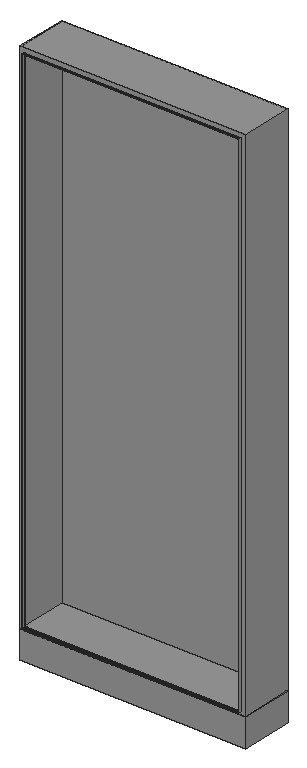
Revit family "Hager-Univers-IP30-D205-H1950-Cl.II-Encl-NoHosted-CH-fr", category Electrical Equipment, Revit 2020
Family settings
  Panel Configuration = Two Columns, Circuits Across
  Round Connector Dimension = Use Diameter
  Part Type = Panelboard
  Work Plane-Based = Yes
  Always vertical = Yes
  Cut with Voids When Loaded = No
  Shared = No
  Room Calculation Point = No
Parameters (values of type "installation au sol IP30 L800 H1950 P205  - FP23S1N")
  Width Control [instance] = if([EF000008 - largeur] > Min Width, [EF000008 - largeur], Min Width)  # 800 mm
  Type Comments = [HG000003 - Gamme]  # "Univers"
  Thickness Door [instance] = if([EF009171 - épaisseur de matériau de la porte/du couvercle] > 3 mm, 3 mm, [EF009171 - épaisseur de matériau de la porte/du couvercle])  # 1 mm
  Seal Frame Offset [instance] = 17 mm  # constant formula
  Plinth Visibility [instance] = [HG000027 - Hauteur du socle] > 0 mm  # yes
  Min Width [instance] = 100 mm  # constant formula
  Min Depth [instance] = (2 * [EF009170 - épaisseur de matériau du boîtier]) + 1 mm  # 3 mm
  Min Height [instance] = 100 mm  # constant formula
  Internal Frame Depth [instance] = (Door System Depth * 0.5)  # 9 mm
  Panel Name [instance] = ""  # (empty or 0)
  Model = ""
  HG000027 - Hauteur du socle = 100 mm
  HG000026 - Installation au sol = yes
  HG000024 - Hauteur de la section basse = 600 mm
  HG000023 - Armoire double section = no
  HG000016 - Visibilité de la porte 3D [instance] = yes
  HG000015 - Visibilité de l'emprise de la porte [instance] = no
  HG000014 - Porte à droite [instance] = yes
  HG000013 - Porte à gauche [instance] = not([HG000014 - Porte à droite])  # no
  HG000012 - Angle de pivotement de la porte [instance] = 30.00°
  HG000010 - Portes asymétriques = no
  HG000009 - Porte à double battant = no
  HG000006 - Encastré = no
  HG000004 - Référence fabricant = "FP23S1N"
  HG000003 - Gamme = "Univers"
  HG000002 - avec porte = no
  Frame Offset Bottom [instance] = 10 mm  # constant formula
  Frame Offset [instance] = 15 mm  # constant formula
  EF015940 - couvercle avec décharge de pression = no
  EF011959 - degré de protection (NEMA) = ""
  EF009554 - nombre d'ouvertures pour plaques à bride = 6
  EF009212 - finition du couvercle = "EV009916 - avec échancrure"
  EF009171 - épaisseur de matériau de la porte/du couvercle = 1 mm
  EF009170 - épaisseur de matériau du boîtier = 1 mm
  EF008873 - courant nominal (In) = 400 A
  EF007800 - adapté à un parafoudre = no
  EF006306 - avec serrure = no
  EF006244 - couvercle/porte transparent(e) = no
  EF005474 - indice de protection (IP) = "EV006410 - IP30"
  EF004464 - type de porte = "EV000494 - sans"
  EF004427 - nombre de modules = 432
  EF004293 - indice de protection contre les chocs (IK) = "EV006813 - IK07"
  EF003532 - convient pour utilisation à l’extérieur = no
  EF002950 - largeur en nombre de modules = 36
  EF001613 - maintien de fonction = "EV000494 - sans"
  EF001596 - matériau du boîtier/corps = "EV000179 - acier"
  EF001131 - profondeur intérieure = 130 mm
  EF001088 - possibilité de montage en saillie = yes
  EF000437 - nombre d'entrées de conduit = 6
  EF000339 - type de capot = "EV000494 - sans"
  EF000266 - nombre de rangées = 12
  EF000218 - profondeur d'encastrement = 0 mm
  EF000118 - avec cadre/support de montage = no
  EF000116 - numéro RAL = "9010"
  EF000049 - profondeur = 205 mm
  EF000040 - hauteur = 1950 mm
  EF000008 - largeur = 800 mm
  EF000007 - couleur = "EV000202 - blanc"
  EF000003 - mode de pose = "EV012274 - installation au sol"
  Door System Leaf Tolerance [instance] = 1.5 mm  # constant formula
  Door System Depth [instance] = 18 mm  # constant formula
  Door Height [instance] = Height Control - [HG000027 - Hauteur du socle]  # 1850 mm
  Description = ""
  Default Elevation = 1219.2 mm
  Connector Offset [instance] = Height Control / 2  # 975 mm
  Manufacturer = "Hager"  # constant formula
  Height Control [instance] = if([EF000040 - hauteur] > Min Height, [EF000040 - hauteur], Min Height)  # 1950 mm
  Depth Control [instance] = if([EF000049 - profondeur] > Min Depth, [EF000049 - profondeur], Min Depth)  # 205 mm
  Bottom Top Plate Trim [instance] = 1.5 mm  # constant formula
  Plinth height Ctrl [instance] = if([HG000027 - Hauteur du socle] > 0 mm, [HG000027 - Hauteur du socle], 12 mm)  # 100 mm
Types (5, lengths in mm): name | Width Control | HG000004 - Référence fabricant | EF009554 - nombre d'ouvertures pour plaques à bride | EF008873 - courant nominal (In) | EF004427 - nombre de modules | EF002950 - largeur en nombre de modules | EF000437 - nombre d'entrées de conduit | EF000008 - largeur
  installation au sol IP30 L1050 H1950 P205  - FP24S1N | 1050 | "FP24S1N" | 8 | 400 A | 576 | 48 | 8 | 1050
  installation au sol IP30 L1300 H1950 P205  - FP25S1N | 1300 | "FP25S1N" | 10 | 400 A | 720 | 60 | 10 | 1300
  installation au sol IP30 L300 H1950 P205  - FP21S1N | 300 | "FP21S1N" | 2 | 250 A | 144 | 12 | 2 | 300
  installation au sol IP30 L550 H1950 P205  - FP22S1N | 550 | "FP22S1N" | 4 | 400 A | 288 | 24 | 4 | 550
  installation au sol IP30 L800 H1950 P205  - FP23S1N | 800 | "FP23S1N" | 6 | 400 A | 432 | 36 | 6 | 800
Reference planes
  plane 1 "Center (Front/Back)": y = 0
  plane 2: z = 0
  plane 3 "Center (Left/Right)": x = 0
  plane 4: y = 0
  plane 5: y = 0
  plane 6: z = 0
  plane 7: x = -400
  plane 8: x = 400
  plane 9: x = 399
  plane 10: x = -399
  plane 11: z = 100
  plane 12: z = 101
  plane 13: y = -205
  plane 14: y = -1
  plane 15: x = 0
  plane 16: y = -187
  plane 17: y = -204
  plane 18: y = -186
  plane 19: x = -384
  plane 20: x = 384
  plane 21: z = 111
  plane 22: x = -383
  plane 23: x = 383
  plane 24: z = 100
  plane 25: z = 1950
  plane 26: z = 1950
  plane 27: z = 1934
  plane 28: z = 1949
Forms (mm)
  Extrusion 1, solid, material "Hager_Steel_RAL7035_Light_Grey", detail levels medium+fine
    sketch origin (-208.679, -4572, 100) x (-1, 0, 0) y (0, -1, 0)
      loop
        line (191.321, -4385) -> (-608.679, -4385) -> (-608.679, -4572) -> (191.321, -4572) -> (191.321, -4385)
    from 0 to 1850
  Extrusion 2, void
    sketch origin (-350.771, -205, 1219.2) x (1, 0, 0) y (0, 0, 1)
      loop
        line (-48.229, 729.8) -> (-48.229, -1118.2) -> (749.771, -1118.2) -> (749.771, 729.8) -> (-48.229, 729.8)
    from -19 to -204
  Extrusion 3, void
    sketch origin (-290.084, -187, 1219.2) x (1, 0, 0) y (0, 0, 1)
      loop
        line (-93.916, -1108.2) -> (674.084, -1108.2) -> (674.084, 714.8) -> (-93.916, 714.8) -> (-93.916, -1108.2)
    from 0 to -1
  Extrusion 4, solid, material "Hager_Steel_RAL7035_Light_Grey", visible <- "Plinth Visibility", detail levels medium+fine
    sketch origin (0, 0, 0) x (1, 0, 0) y (0, 1, 0)
      loop
        line (-400, 0) -> (-400, -187) -> (400, -187) -> (400, 0) -> (-400, 0)
    from 0 to 100 <- "Plinth height Ctrl"
  Extrusion 5, solid, material "Hager_Steel_RAL7035_Light_Grey", detail levels coarse
    sketch origin (0, 0, 0) x (1, 0, 0) y (0, 1, 0)
      loop
        line (-400, 0) -> (-400, -205) -> (400, -205) -> (400, 0) -> (-400, 0)
    from 0 to 1950 <- "Height Control"
  Sweep 6, void
    path in 3D
      loop
        line (-400, -187, 100) -> (400, -187, 100) -> (400, 0, 100) -> (-400, 0, 100) -> (-400, -187, 100)
    profile origin (-400, -93.5, 100) x (1, 0, 0) y (0, 0, 1)
      loop
        line (0, 0) -> (0, -1.5) -> (1.5, -1.5)
        arc (1.5, -1.5) -> (1.061, -0.439) -> (0, 0) r 1.5
  Extrusion 7, solid, material "Hager_Steel_RAL7035_Light_Grey", detail levels fine
    sketch origin (-400, -187, 100) x (1, 0, 0) y (0, 0, 1)
      loop
        line (16, 11) -> (784, 11) -> (784, 1834) -> (16, 1834) -> (16, 11)
      loop
        line (15, 10) -> (785, 10) -> (785, 1835) -> (15, 1835) -> (15, 10)
    from 0 to 9 <- "Internal Frame Depth"
Cuts and joins
  Extrusion 2, Extrusion 3 cuts Extrusion 1
  Sweep 6 cuts Extrusion 4
Lines and regions (mm)
  Masking region 1
    outline origin (0, 0, 0) x (1, 0, 0) y (0, 1, 0)
      loop
        line (-400, 0) -> (-400, -205) -> (400, -205) -> (400, 0) -> (-400, 0)
  Masking region 2, detail levels coarse
    outline origin (-290.084, -187, 1219.2) x (-1, 0, 0) y (0, 0, 1)
      loop
        line (-690.084, -1219.2) -> (109.916, -1219.2) -> (109.916, 730.8) -> (-690.084, 730.8) -> (-690.084, -1219.2)
  Masking region 3, detail levels coarse
    outline origin (0, 0, 0) x (0, 1, 0) y (0, 0, 1)
      loop
        line (0, 0) -> (0, 1950) -> (-205, 1950) -> (-205, 0) -> (0, 0)
  Masking region 4, visible <- "Plinth Visibility", detail levels medium+fine
    outline origin (0, 0, 0) x (0, 1, 0) y (0, 0, 1)
      loop
        line (-1.5, 100) -> (-185.5, 100)
        arc (-185.5, 100) -> (-185.939, 98.939) -> (-187, 98.5) r 1.5
        line (-187, 98.5) -> (-187, 0) -> (0, 0) -> (0, 98.5)
        arc (0, 98.5) -> (-1.061, 98.939) -> (-1.5, 100) r 1.5
  Masking region 5, detail levels medium+fine
    outline origin (0, 0, 594.038) x (0, 1, 0) y (0, 0, 1)
      loop
        line (0, -494.038) -> (0, 1355.962) -> (-187, 1355.962) -> (-187, -494.038) -> (0, -494.038)
  Masking region 6, detail levels medium+fine
    outline origin (-359.7, -187, 1211.883) x (-1, 0, 0) y (0, 0, 1)
      loop
        line (-759.7, -1111.883) -> (40.3, -1111.883) -> (40.3, 738.117) -> (-759.7, 738.117) -> (-759.7, -1111.883)
  Masking region 7, visible <- "Plinth Visibility", detail levels medium+fine
    outline origin (-320.334, -187, 1041.368) x (-1, 0, 0) y (0, 0, 1)
      loop
        line (-720.334, -1041.368) -> (79.666, -1041.368) -> (79.666, -942.868)
        arc (79.666, -942.868) -> (78.606, -942.429) -> (78.166, -941.368) r 1.5
        line (78.166, -941.368) -> (-718.834, -941.368)
        arc (-718.834, -941.368) -> (-719.273, -942.429) -> (-720.334, -942.868) r 1.5
        line (-720.334, -942.868) -> (-720.334, -1041.368)
  sketch lines
    curve 1: line (-400, 0, 100) -> (-400, -187, 100)
    curve 2: line (-400, -187, 100) -> (400, -187, 100)
    curve 3: line (400, 0, 100) -> (-400, 0, 100)
    curve 4: line (400, -187, 100) -> (400, 0, 100)
Dimensions and locks
  locked: plane 1 "Center (Front/Back)" to plane 5
  "EF009170 - épaisseur de matériau du boîtier": plane 7 to plane 10
  "EF009170 - épaisseur de matériau du boîtier": plane 8 to plane 9
  equal spacing: plane 7, plane 3 "Center (Left/Right)", plane 8
  "Width Control": plane 7 to plane 8
  "Depth Control": plane 4 to plane 13
  "EF009170 - épaisseur de matériau du boîtier": plane 4 to plane 14
  "Height Control": plane 25 to level
  "HG000027 - Hauteur du socle": plane 11 to level
  "EF009170 - épaisseur de matériau du boîtier": plane 12 to plane 11
  "EF009170 - épaisseur de matériau du boîtier": plane 17 to plane 13
  "EF009170 - épaisseur de matériau du boîtier": plane 18 to plane 16
  "Frame Offset Bottom": plane 21 to plane 12
  "Frame Offset": plane 10 to plane 19
  "Frame Offset": plane 9 to plane 20
  "Door System Depth": plane 16 to plane 13
  "Seal Frame Offset": plane 7 to plane 22
  "Seal Frame Offset": plane 8 to plane 23
  "EF009170 - épaisseur de matériau du boîtier": plane 26 to plane 28
  "Frame Offset": plane 28 to plane 27
  "Connector Offset": plane 2 to connector elem
  "Bottom Top Plate Trim": profile plane to Sweep 6 sketch curve
  "Bottom Top Plate Trim": Sweep 6 sketch curve to Sweep 6 sketch curve
  "Plinth height Ctrl": Masking region 4 sketch curve to level
  "Plinth height Ctrl": Masking region 7 sketch curve to level
  "Thickness Door": Extrusion 7 sketch curve to Extrusion 7 sketch curve  (x4)
  "Bottom Top Plate Trim": radius of Sweep 6 sketch curve
  "Bottom Top Plate Trim": radius of Masking region 4 sketch curve  (x2)
  "Bottom Top Plate Trim": radius of Masking region 7 sketch curve  (x2)
  aligned and locked: Extrusion 2 sketch curve to plane 12
  aligned and locked: Extrusion 2 sketch curve to plane 9
  aligned and locked: Extrusion 2 sketch curve to plane 10
  aligned and locked: Extrusion 2 to plane 14
  aligned and locked: Extrusion 1 sketch curve to plane 4
  aligned and locked: plane 8 to Extrusion 1 sketch curve
  aligned and locked: plane 7 to Extrusion 1 sketch curve
  aligned and locked: Extrusion 2 to plane 18
  aligned and locked: Extrusion 3 sketch curve to plane 19
  aligned and locked: plane 20 to Extrusion 3 sketch curve
  aligned and locked: Extrusion 3 to Extrusion 2
  aligned and locked: Extrusion 3 sketch curve to plane 21
  aligned and locked: plane 3 "Center (Left/Right)" to nested 1
  aligned and locked: Extrusion 1 sketch curve to plane 16
  aligned and locked: Extrusion 4 sketch curve to cut or joined group of Extrusion 1, Extrusion 2, Extrusion 3
  aligned and locked: Masking region 1 sketch curve to plane 7
  aligned and locked: Masking region 1 sketch curve to plane 5
  aligned and locked: Masking region 1 sketch curve to plane 8
  aligned and locked: Masking region 2 sketch curve to level
  aligned and locked: level to Masking region 3 sketch curve
  aligned and locked: plane 1 "Center (Front/Back)" to Masking region 3 sketch curve
  aligned and locked: plane 13 to Masking region 3 sketch curve
  aligned and locked: plane 5 to Masking region 4 sketch curve
  aligned and locked: Masking region 2 sketch curve to plane 8
  aligned and locked: Masking region 2 sketch curve to plane 7
  aligned and locked: plane 7 to nested 2
  aligned and locked: nested 2 to plane 5
  aligned and locked: plane 5 to Masking region 5 sketch curve
  aligned and locked: plane 26 to Masking region 5 sketch curve
  aligned and locked: Extrusion 5 sketch curve to plane 8
  aligned and locked: Extrusion 5 sketch curve to plane 7
  aligned and locked: Extrusion 5 sketch curve to plane 5
  aligned and locked: Extrusion 3 sketch curve to plane 27
  aligned and locked: Extrusion 2 sketch curve to plane 28
  aligned and locked: Masking region 2 to plane 25
  aligned and locked: Extrusion 4 to plane 16
  aligned and locked: profile plane to Sweep 6 sketch curve
  aligned and locked: Masking region 5 sketch curve to plane 24
  aligned and locked: level to Masking region 4 sketch curve
  aligned and locked: Masking region 1 to plane 13
  aligned and locked: nested 1 to plane 16
  aligned and locked: Masking region 3 to plane 25
  aligned and locked: plane 16 to Masking region 4 sketch curve
  aligned and locked: Masking region 5 sketch curve to plane 16
  aligned and locked: plane 24 to plane 11
  aligned and locked: plane 26 to plane 25
  aligned and locked: plane 26 to cut or joined group of Extrusion 1, Extrusion 2, Extrusion 3
  aligned and locked: nested 1 to plane 24
  aligned and locked: Extrusion 1 to Extrusion 3
  aligned and locked: Masking region 6 sketch curve to plane 8
  aligned and locked: Masking region 6 sketch curve to plane 24
  aligned and locked: Masking region 6 sketch curve to plane 7
  aligned and locked: Masking region 6 sketch curve to plane 26
  aligned and locked: Masking region 7 sketch curve to plane 7
  aligned and locked: level to Masking region 7 sketch curve
  aligned and locked: Masking region 7 sketch curve to plane 8
  aligned and locked: Extrusion 7 sketch curve to cut or joined group of Extrusion 1, Extrusion 2, Extrusion 3  (x4)
Automatic sketch dimensions
  plane 19 to Extrusion 3 sketch curve = 0 mm
  Extrusion 3 sketch curve to plane 20 = 0 mm
  Extrusion 3 sketch curve to plane 21 = 0 mm
  Extrusion 4 sketch curve to plane 7 = 0 mm
  Extrusion 4 sketch curve to plane 8 = 0 mm
  Extrusion 4 sketch curve to plane 16 = 0 mm
  Masking region 1 sketch curve to plane 13 = 0 mm
  Masking region 2 sketch curve to plane 25 = 0 mm
  Masking region 3 sketch curve to plane 25 = 0 mm
  Extrusion 5 sketch curve to plane 13 = 0 mm
  profile plane to Sweep 6 sketch curve = 0 mm
Nested families
  nested 1: "EC000058_Univers_Door" at (0, -187, 100), Double <- "HG000009 - Porte à double battant", Transparent <- "EF006244 - couvercle/porte transparent(e)", Angle <- "HG000012 - Angle de pivotement de la porte", Door_Right <- "HG000014 - Porte à droite", Assymetrical <- "HG000010 - Portes asymétriques", Door <- "HG000002 - avec porte", Width_Ctrl <- "Width Control", 3d_Door <- "HG000016 - Visibilité de la porte 3D", Clearance <- "HG000015 - Visibilité de l'emprise de la porte", Door_Left <- "HG000013 - Porte à gauche", Width <- "Width Control", Door_Depth <- "Door System Depth", Leaf_Tolerance <- "Door System Leaf Tolerance", Height <- "Door Height", Lock_Visibility <- "EF006306 - avec serrure", Thickness <- "Thickness Door", type "EC000058_Univers_Door", detail levels medium+fine
    with min_wh 3 mm, Width_Ctrl 800 mm, Width 800 mm, Transparent no, Thickness 1 mm, Seal_Material Hager_Rubber, Lock_Visibility no, Lock_Material Hager_Plastic_RAL9005_Jet_Black, Leaf_Width 800 mm, Leaf_Tolerance_External_Sides 0 mm, Leaf_Tolerance 1.5 mm, Leaf_Offset 0 mm, Leaf_Height 1847 mm, Leaf_2_Width 800 mm, Leaf_2_Offset 400 mm, Leaf_1_Width 800 mm, Leaf_1_Offset 400 mm, Height_Ctrl 1850 mm, Height 1850 mm, Glass_Material Hager_Glass, Double_Clearance_Ctrl no, Double no, Door_Right_Ctrl no, Door_Right yes, Door_Material Hager_Steel_RAL7035_Light_Grey, Door_Left_Ctrl no, Door_Left no, Door_Depth 18 mm, Door no, Clearance_Material Hager_Clearance, Clearance_Depth 800 mm, Clearance_Ctrl no, Clearance no, Assymetrical no, Angle 30.00°, 3d_Door yes
  nested 2: "Hager_Enclosure_Symbol" at (-400, 0, 0), Height <- "Depth Control", Width <- "Width Control", type "Hager_Enclosure_Symbol"
    with Width_Ctrl 800 mm, Width 800 mm, Height_Ctrl 205 mm, Height 205 mm, A_Width_Int 13.453 mm, A_Width 161.438 mm, A_Height_Ctrl 179.375 mm, A_Height 179.375 mm
Connectors
  electrical at (0, 0, 975)
    settings: on plane 1 "Center (Front/Back)", index 1, voltage 0 V, apparent load 0 VA, apparent load phase1 0 VA, apparent load phase2 0 VA, apparent load phase3 0 VA, power factor 1, load classification "Other", number of poles 1, system type 30, power factor state 1, is connector primary yes, connector utility no, sub classification motor no, connector description ""
Definition of nested family "EC000058_Univers_Door"
  Parameters (values of type "EC000058_Univers_Door")
    min_wh [instance] = (2 * Thickness) + 1 mm  # 11 mm
    Width_Ctrl [instance] = 400 mm
    Width [instance] = 500 mm
    Transparent [instance] = yes
    Thickness [instance] = 5 mm
    Seal_Material [instance] = none
    Lock_Visibility [instance] = yes
    Lock_Material [instance] = none
    Leaf_Width [instance] = if((Width_Ctrl - 2 * Leaf_Tolerance_External_Sides) > 0 mm, (Width_Ctrl - 2 * Leaf_Tolerance_External_Sides), min_wh)  # 400 mm
    Leaf_Tolerance_External_Sides [instance] = 0 mm  # constant formula
    Leaf_Tolerance [instance] = 1.5 mm
    Leaf_Offset [instance] = 0 mm  # constant formula
    Leaf_Height [instance] = if((Height_Ctrl - 2 * Leaf_Tolerance) > 0 mm, (Height_Ctrl - 2 * Leaf_Tolerance), min_wh)  # 497 mm
    Leaf_2_Width [instance] = if(and(and(Double, Assymetrical), Door_Left), (Leaf_Width / 3) - (Leaf_Tolerance / 2), if(and(and(Double, Assymetrical), Door_Right), (Leaf_Width / 3) * 2 - (Leaf_Tolerance / 2), if(and(Double, not(Assymetrical)), (Leaf_Width / 2) - Leaf_Tolerance, Leaf_Width)))  # 400 mm
    Leaf_2_Offset [instance] = if(and(Double, Assymetrical), Leaf_2_Width / 2, if(and(Double, not(Assymetrical)), Leaf_Width / 4, Leaf_Width / 2))  # 200 mm
    Leaf_1_Width [instance] = if(and(and(Double, Assymetrical), Door_Right), (Leaf_Width / 3) - (Leaf_Tolerance / 2), if(and(and(Double, Assymetrical), Door_Left), (Width / 3) * 2 - (Leaf_Tolerance / 2), if(and(Double, not(Assymetrical)), (Leaf_Width / 2) - Leaf_Tolerance, Leaf_Width)))  # 400 mm
    Leaf_1_Offset [instance] = if(and(Double, Assymetrical), Leaf_1_Width / 2, if(and(Double, not(Assymetrical)), Leaf_Width / 4, Leaf_Width / 2))  # 200 mm
    Height_Ctrl [instance] = if(Height > min_wh, Height, min_wh)  # 500 mm
    Height [instance] = 500 mm
    Glass_Material [instance] = none
    Double_Clearance_Ctrl [instance] = and(Double, Clearance)  # no
    Double [instance] = no
    Door_Right_Ctrl [instance] = and(or(Door_Right, Double), Door)  # yes
    Door_Right [instance] = yes
    Door_Material [instance] = none
    Door_Left_Ctrl [instance] = and(or(Door_Left, Double), Door)  # no
    Door_Left [instance] = no
    Door_Depth [instance] = 30 mm
    Door [instance] = yes
    Default Elevation = 1219.2 mm
    Clearance_Material [instance] = none
    Clearance_Depth [instance] = if(Leaf_1_Width > Leaf_2_Width, Leaf_1_Width, Leaf_2_Width)  # 400 mm
    Clearance_Ctrl [instance] = and(not(Double), Clearance)  # yes
    Clearance [instance] = yes
    Assymetrical [instance] = yes
    Angle [instance] = 30.00°
    3d_Door [instance] = yes
  Reference planes
    plane 1 "Center (Front/Back)": y = 0
    plane 2 "Bottom": z = 0
    plane 3 "Center (Left/Right)": x = 0
    plane 4: z = 500
    plane 5: x = -200
    plane 6: x = 200
    plane 7: z = 500
    plane 8: x = -200
    plane 9: z = 0
    plane 10: x = 200
    plane 11: y = 0
    plane 12: z = 1.5
    plane 13: x = -600
    plane 14: y = -400
    plane 15: x = 600
    plane 16: x = 0
    plane 17: x = 0
    plane 18: x = -200
    plane 19: x = 200
    plane 20: z = 498.5
  Forms (mm)
    Extrusion 1, solid, material <- "Clearance_Material", visible <- "Double_Clearance_Ctrl"
      sketch origin (1200, 0, 0) x (1, 0, 0) y (0, 0, -1)
        loop
          line (-1800, -498.5) -> (-600, -498.5) -> (-600, 0) -> (-1800, 0) -> (-1800, -498.5)
      from 0 to -400
  Dimensions and locks
    equal spacing: plane 5, plane 3 "Center (Left/Right)", plane 6
    "Width_Ctrl": plane 5 to plane 6
    "Leaf_Offset": plane 5 to plane 8
    "Leaf_Offset": plane 6 to plane 10
    "Leaf_Offset": plane 9 to level
    "Leaf_Offset": plane 4 to plane 7
    "Height_Ctrl": plane 4 to level
    "Leaf_Tolerance": plane 12 to plane 9
    locked: plane 11 to plane 1 "Center (Front/Back)"
    "Leaf_1_Offset": plane 18 to plane 16
    "Leaf_2_Offset": plane 17 to plane 19
    "Leaf_1_Width": plane 13 to plane 8
    "Leaf_2_Width": plane 10 to plane 15
    "Clearance_Depth": plane 14 to plane 1 "Center (Front/Back)"
    "Leaf_Tolerance_External_Sides": plane 8 to plane 18
    "Leaf_Tolerance_External_Sides": plane 19 to plane 10
    "Leaf_Tolerance": plane 7 to plane 20
    aligned and locked: level to plane 2 "Bottom"
    aligned and locked: nested 1 to plane 16
    aligned and locked: nested 2 to plane 17
    aligned and locked: Extrusion 1 to plane 13
    aligned and locked: plane 15 to Extrusion 1
    aligned and locked: Extrusion 1 to plane 14
    aligned and locked: plane 12 to nested 1
    aligned and locked: nested 2 to plane 12
    aligned and locked: Extrusion 1 to plane 11
    aligned and locked: plane 20 to Extrusion 1
    aligned and locked: nested 2 to plane 11
    aligned and locked: nested 1 to plane 11
  Automatic sketch dimensions
    Extrusion 1 sketch curve to level = 0 mm
    plane 5 to Extrusion 1 sketch curve = 400 mm
    plane 6 to Extrusion 1 sketch curve = 400 mm
    Extrusion 1 sketch curve to plane 4 = 1.5 mm
  Nested families
    nested 1: "EC000058_Univers_Door_Leaf" at (0, 0, 1.5), Width <- "Leaf_1_Width", visible <- "Door_Left_Ctrl", Leaf_Height <- "Leaf_Height", Angle <- "Angle", 3d_Door <- "3d_Door", Transparent <- "Transparent", Clearance Material <- "Clearance_Material", Clearance <- "Clearance_Ctrl", Door_Material <- "Door_Material", Glass_Material <- "Glass_Material", Door_Depth <- "Door_Depth", Lock_Material <- "Lock_Material", Seal_Material <- "Seal_Material", Lock_Visibility <- "Lock_Visibility", Thickness <- "Thickness", type "EC000058_Univers_Door_Leaf"
      with Width 400 mm, Transparent_Glass_Offset 30 mm, Transparent_Ctrl yes, Transparent yes, Thickness 5 mm, Standard no, Seal_Material none, Seal_D2 8 mm, Seal_D1 1 mm, Offset_Internal_Frame 10 mm, Lock_Width 20 mm, Lock_Visibility_3d yes, Lock_Visibility yes, Lock_Thickness_3 3 mm, Lock_Thickness_2 1 mm, Lock_Thickness_1 3 mm, Lock_Radius_Offset_2 16 mm, Lock_Radius_Offset_1 15 mm, Lock_Radius_2 5 mm, Lock_Radius 6 mm, Lock_Offset 5 mm, Lock_Material none, Lock_Height 80 mm, Lock_Cover_Top_Offset_2d 17 mm, Lock_Cover_Height -65 mm, Leaf_Height 497 mm, Internal_Seal_Thickness 8 mm, Internal_Seal_Depth_2 4.5 mm, Internal_Frame_Depth 25 mm, Glass_Thickness -1 mm, Glass_Offset -2 mm, Glass_Material none, Door_Material none, Door_Depth 30 mm, Clearance Material none, Clearance yes, Angle_Ctrl 30.00°, Angle 30.00°, 3d_Door yes
    nested 2: "EC000058_Univers_Door_Leaf" at (0, 0, 1.5) x (-1, 0, 0) z (0, 0, 1), Width <- "Leaf_2_Width", visible <- "Door_Right_Ctrl", Leaf_Height <- "Leaf_Height", Angle <- "Angle", 3d_Door <- "3d_Door", Transparent <- "Transparent", Clearance Material <- "Clearance_Material", Clearance <- "Clearance_Ctrl", Door_Material <- "Door_Material", Glass_Material <- "Glass_Material", Door_Depth <- "Door_Depth", Lock_Material <- "Lock_Material", Seal_Material <- "Seal_Material", Lock_Visibility <- "Lock_Visibility", Thickness <- "Thickness", type "EC000058_Univers_Door_Leaf"
      with Width 400 mm, Transparent_Glass_Offset 30 mm, Transparent_Ctrl yes, Transparent yes, Thickness 5 mm, Standard no, Seal_Material none, Seal_D2 8 mm, Seal_D1 1 mm, Offset_Internal_Frame 10 mm, Lock_Width 20 mm, Lock_Visibility_3d yes, Lock_Visibility yes, Lock_Thickness_3 3 mm, Lock_Thickness_2 1 mm, Lock_Thickness_1 3 mm, Lock_Radius_Offset_2 16 mm, Lock_Radius_Offset_1 15 mm, Lock_Radius_2 5 mm, Lock_Radius 6 mm, Lock_Offset 5 mm, Lock_Material none, Lock_Height 80 mm, Lock_Cover_Top_Offset_2d 17 mm, Lock_Cover_Height -65 mm, Leaf_Height 497 mm, Internal_Seal_Thickness 8 mm, Internal_Seal_Depth_2 4.5 mm, Internal_Frame_Depth 25 mm, Glass_Thickness -1 mm, Glass_Offset -2 mm, Glass_Material none, Door_Material none, Door_Depth 30 mm, Clearance Material none, Clearance yes, Angle_Ctrl 30.00°, Angle 30.00°, 3d_Door yes
  Definition of nested family "EC000058_Univers_Door_Leaf"
    Parameters (values of type "EC000058_Univers_Door_Leaf")
      Width [instance] = 2000 mm
      Transparent_Glass_Offset [instance] = 30 mm
      Transparent_Ctrl [instance] = and(Transparent, [3d_Door])  # yes
      Transparent [instance] = yes
      Thickness [instance] = 5 mm
      Standard [instance] = and(not(Transparent), [3d_Door])  # no
      Seal_Material [instance] = none
      Seal_D2 [instance] = 8 mm  # constant formula
      Seal_D1 [instance] = 1 mm  # constant formula
      Offset_Internal_Frame [instance] = 10 mm  # constant formula
      Lock_Width [instance] = 20 mm  # constant formula
      Lock_Visibility_3d [instance] = and(Lock_Visibility, [3d_Door])  # yes
      Lock_Visibility [instance] = yes
      Lock_Thickness_3 [instance] = 3 mm  # constant formula
      Lock_Thickness_2 [instance] = 1 mm  # constant formula
      Lock_Thickness_1 [instance] = 3 mm  # constant formula
      Lock_Radius_Offset_2 [instance] = Lock_Radius_Offset_1 + 1 mm  # 16 mm
      Lock_Radius_Offset_1 [instance] = 15 mm  # constant formula
      Lock_Radius_2 [instance] = Lock_Radius - 1 mm  # 5 mm
      Lock_Radius [instance] = 6 mm  # constant formula
      Lock_Offset [instance] = 5 mm  # constant formula
      Lock_Material [instance] = none
      Lock_Height [instance] = 80 mm  # constant formula
      Lock_Cover_Top_Offset_2d [instance] = Lock_Radius_Offset_2 + 1 mm  # 17 mm
      Lock_Cover_Height [instance] = -(Lock_Height - Lock_Radius_Offset_1)  # -65 mm
      Leaf_Height [instance] = 2720.336 mm
      Internal_Seal_Thickness [instance] = 8 mm  # constant formula
      Internal_Seal_Depth_2 [instance] = 4.5 mm  # constant formula
      Internal_Frame_Depth [instance] = if(Door_Depth - Thickness > 5 mm, Door_Depth - Thickness, 5 mm)  # 25 mm
      Glass_Thickness [instance] = if(Thickness > 15 mm, Glass_Offset + 10 mm, -1 mm)  # -1 mm
      Glass_Offset [instance] = if(Thickness > 15 mm, -(Thickness + 10 mm) / 2, -2 mm)  # -2 mm
      Glass_Material [instance] = none
      Door_Material [instance] = none
      Door_Depth [instance] = 30 mm
      Default Elevation = 0 mm
      Clearance Material [instance] = none
      Clearance [instance] = yes
      Angle_Ctrl [instance] = if(Angle > 180.00°, 180.00°, Angle)  # 90.00°
      Angle [instance] = 90.00°
      3d_Door [instance] = yes
    Reference planes
      plane 1 "Center (Front/Back)": y = 0
      plane 2: z = 0
      plane 3 "Center (Left/Right)": x = 0
      plane 4: y = 2000
      plane 5: x = -1000
      plane 6: x = 1000
      plane 7: x = -3000
      plane 8: z = 2720.336
      plane 9: z = 30
      plane 10: z = 2690.336
      plane 11: x = 970
      plane 12: x = -970
      plane 13: y = -3
      plane 14: z = 107.833
      plane 15: y = -5
      plane 16: y = -223.314
      plane 17: x = -1000
      plane 18: z = 1360.168
      plane 19: y = 30
    Forms (mm)
      Extrusion 1, solid, material <- "Clearance Material", visible <- "Clearance"
        sketch origin (0, 0, 0) x (1, 0, 0) y (0, 0, 1)
          loop
            line (-3000, 2720.336) -> (-3000, 0) -> (1000, 0) -> (1000, 2720.336) -> (-3000, 2720.336)
        from 0 to -2000
      Extrusion 2, solid, material <- "Door_Material", visible <- "Standard", detail levels medium+fine
        sketch origin (-1000, 0, 0) x (0, 1, 0) y (-1, 0, 0)
          loop
            line (0, 30) -> (0, 25) -> (2000, 25) -> (2000, 30) -> (0, 30)
        from 0 to 2720.336 <- "Leaf_Height"
      Extrusion 3, solid, material <- "Door_Material", visible <- "Transparent_Ctrl", detail levels medium+fine
        sketch origin (-1000, 0, 0) x (0, 1, 0) y (-1, 0, 0)
          loop
            line (0, 25) -> (2000, 25) -> (2000, 30) -> (0, 30) -> (0, 25)
        from 0 to 2720.336 <- "Leaf_Height"
      Extrusion 4, void
        sketch origin (-1025, 2000, 0) x (0, 1, 0) y (0, 0, -1)
          loop
            line (-30, -2690.336) -> (-30, -30) -> (-1970, -30) -> (-1970, -2690.336) -> (-30, -2690.336)
        from 0 to 5 <- "Thickness"
      Sweep 5, solid, material <- "Seal_Material", visible <- "Transparent_Ctrl", detail levels fine
        path in 3D
          loop
            line (-1025, 30, 30) -> (-1025, 30, 2690.336) -> (-1025, 1970, 2690.336) -> (-1025, 1970, 30) -> (-1025, 30, 30)
        profile origin (-1025, 1000, 30) x (1, 0, 0) y (0, 0, 1)
          loop
            line (0, 0) -> (0, -8) -> (1, -8) -> (1, 0) -> (0, 0)
      Extrusion 6, solid, material <- "Glass_Material", visible <- "Transparent_Ctrl", detail levels medium+fine
        sketch origin (-1030, 0, 0) x (0, 1, 0) y (0, 0, -1)
          loop
            line (1970, -2690.336) -> (1970, -30) -> (30, -30) -> (30, -2690.336) -> (1970, -2690.336)
        from -2 <- "Glass_Offset" to -1 <- "Glass_Thickness"
      Extrusion 7, solid, material <- "Door_Material", visible <- "3d_Door", detail levels medium+fine
        sketch origin (-1025, 2000, 0) x (0, -1, 0) y (0, 0, -1)
          loop
            line (0, -2720.336) -> (2000, -2720.336) -> (2000, 0) -> (0, 0) -> (0, -2720.336)
          loop
            line (1995, -5) -> (5, -5) -> (5, -2715.336) -> (1995, -2715.336) -> (1995, -5)
        from 0 to 25 <- "Internal_Frame_Depth"
      Sweep 8, solid, material <- "Seal_Material", visible <- "Transparent_Ctrl", detail levels fine
        path in 3D
          loop
            line (-1025, 0, 0) -> (-1025, 2000, 0) -> (-1025, 2000, 2720.336) -> (-1025, 0, 2720.336) -> (-1025, 0, 0)
        profile origin (-1025, 0, 1360.168) x (1, 0, 0) y (0, 1, 0)
          loop
            line (0, 10) -> (2.975, 10)
            arc (2.975, 10) -> (4.053, 10.447) -> (4.5, 11.525) r 1.525
            line (4.5, 11.525) -> (4.5, 16.527)
            arc (4.5, 16.527) -> (4.069, 17.569) -> (3.027, 18) r 1.473
            line (3.027, 18) -> (0, 18) -> (0, 10)
      Extrusion 9, solid, material <- "Lock_Material", visible <- "Lock_Visibility_3d", detail levels fine
        sketch origin (-1030, 0, 0) x (0, 1, 0) y (0, 0, -1)
          loop
            arc (1993.5, -1400.168) -> (1994.561, -1399.729) -> (1995, -1398.668) r 1.5
            line (1995, -1398.668) -> (1995, -1320.168) -> (1975, -1320.168) -> (1975, -1398.668)
            arc (1975, -1398.668) -> (1975.439, -1399.729) -> (1976.5, -1400.168) r 1.5
            line (1976.5, -1400.168) -> (1993.5, -1400.168)
        from 3 <- "Lock_Thickness_1" to 0
      Blend 10, solid, material <- "Lock_Material", visible <- "Lock_Visibility_3d", detail levels fine
        base sketch origin (-1033, 0, 0) x (0, 1, 0) y (0, 0, -1)
          loop
            line (1975, -1320.168) -> (1975, -1398.668)
            arc (1975, -1398.668) -> (1975.439, -1399.729) -> (1976.5, -1400.168) r 1.5
            line (1976.5, -1400.168) -> (1993.5, -1400.168)
            arc (1993.5, -1400.168) -> (1994.561, -1399.729) -> (1995, -1398.668) r 1.5
            line (1995, -1398.668) -> (1995, -1320.168) -> (1975, -1320.168)
        top sketch origin (-1033, 0, 0) x (0, 1, 0) y (0, 0, -1)
          loop
            line (1976, -1320.168) -> (1976, -1398.668)
            arc (1976, -1398.668) -> (1976.146, -1399.022) -> (1976.5, -1399.168) r 0.5
            line (1976.5, -1399.168) -> (1993.5, -1399.168)
            arc (1993.5, -1399.168) -> (1993.854, -1399.022) -> (1994, -1398.668) r 0.5
            line (1994, -1398.668) -> (1994, -1320.168) -> (1976, -1320.168)
        from 0 to 1 <- "Lock_Thickness_2"
      Blend 11, solid, material <- "Lock_Material", visible <- "Lock_Visibility_3d", detail levels fine
        base sketch origin (-1034, 0, 0) x (0, 1, 0) y (0, 0, -1)
          loop
            line (1978, -1320.168) -> (1978, -1384.168)
            arc (1978, -1384.168) -> (1985, -1391.168) -> (1992, -1384.168) r 7
            line (1992, -1384.168) -> (1992, -1320.168) -> (1978, -1320.168)
        top sketch origin (-1034, 0, 0) x (0, 1, 0) y (0, 0, -1)
          loop
            line (1991, -1320.168) -> (1979, -1320.168) -> (1979, -1383.168)
            arc (1979, -1383.168) -> (1985, -1389.168) -> (1991, -1383.168) r 6
            line (1991, -1383.168) -> (1991, -1320.168)
        from 0 to 3 <- "Lock_Thickness_3"
      Extrusion 12, solid, material <- "Lock_Material", visible <- "Lock_Visibility_3d", detail levels fine
        sketch origin (-1030, 1975, 1320.168) x (1, 0, 0) y (0, -1, 0)
          loop
            line (-7, -19) -> (-7, -1) -> (0, -1) -> (0, 0) -> (-8, 0) -> (-8, -20) -> (0, -20) -> (0, -19) -> (-7, -19)
        from 0 to -65 <- "Lock_Cover_Height"
      Extrusion 13, void
        sketch origin (-1038, 1995, 1320.168) x (-1, 0, 0) y (0, 0, -1)
          loop
            line (-5, -65) -> (0, -65) -> (-5, -60) -> (-5, -65)
        from 0 to 20 <- "Lock_Width"
      Extrusion 14, void
        sketch origin (-1038, 1975, 1320.168) x (0, -1, 0) y (0, 0, -1)
          loop
            circle (-10, -15.995) r 6
          loop
            circle (-10, -15.995) r 5
        from 0 to 2
      Extrusion 15, solid, material <- "Lock_Material", visible <- "Lock_Visibility_3d", detail levels medium
        sketch origin (-1030, 0, 0) x (0, 1, 0) y (0, 0, -1)
          loop
            arc (1993.5, -1400.168) -> (1994.561, -1399.729) -> (1995, -1398.668) r 1.5
            line (1995, -1398.668) -> (1995, -1320.168) -> (1975, -1320.168) -> (1975, -1398.668)
            arc (1975, -1398.668) -> (1975.439, -1399.729) -> (1976.5, -1400.168) r 1.5
            line (1976.5, -1400.168) -> (1993.5, -1400.168)
        from 8 to 0
    Cuts and joins
      Extrusion 4 cuts Extrusion 3
      Extrusion 13, Extrusion 14 cuts Extrusion 9
      Extrusion 14 cuts Blend 11
      Extrusion 13, Extrusion 14 cuts Extrusion 12
      joined: Extrusion 9, Blend 10, Blend 11, Extrusion 12
      Extrusion 14 cuts Extrusion 15
    Lines and regions (mm)
      Masking region 1, visible <- "Lock_Visibility", detail levels fine
        outline origin (0, 0, 0) x (0, 1, 0) y (0, 0, 1)
          loop
            line (30, 1320.168) -> (33, 1320.168) -> (33, 1400.168) -> (30, 1400.168) -> (30, 1320.168)
      Masking region 2, visible <- "Lock_Visibility", detail levels fine
        outline origin (0, 3.143, 0) x (0, 1, 0) y (0, 0, 1)
          loop
            line (29.857, 1354.168) -> (30.857, 1354.168) -> (30.857, 1366.168) -> (29.857, 1366.168) -> (29.857, 1354.168)
      Masking region 3, detail levels medium+fine
        outline origin (0, 0, 0) x (0, 1, 0) y (0, 0, 1)
          loop
            line (0, 0) -> (30, 0) -> (30, 2720.336) -> (0, 2720.336) -> (0, 0)
      Masking region 4, detail levels medium+fine
        outline origin (0, 0, 0) x (1, 0, 0) y (0, 0, 1)
          loop
            line (-1000, 2720.336) -> (-1000, 0) -> (1000, 0) -> (1000, 2720.336) -> (-1000, 2720.336)
      Masking region 5, visible <- "Lock_Visibility", detail levels fine
        outline origin (-47.116, 0, 0) x (1, 0, 0) y (0, 0, 1)
          loop
            arc (1024.616, 1399.168) -> (1023.556, 1398.729) -> (1023.116, 1397.668) r 1.5
            line (1023.116, 1397.668) -> (1023.116, 1320.168) -> (1041.116, 1320.168) -> (1041.116, 1397.668)
            arc (1041.116, 1397.668) -> (1040.677, 1398.729) -> (1039.616, 1399.168) r 1.5
            line (1039.616, 1399.168) -> (1024.616, 1399.168)
      Masking region 6, visible <- "Lock_Visibility", detail levels medium+fine
        outline origin (-25, 0, 0) x (1, 0, 0) y (0, 0, 1)
          loop
            arc (1001.5, 1400.168) -> (1000.439, 1399.729) -> (1000, 1398.668) r 1.5
            line (1000, 1398.668) -> (1000, 1320.168) -> (1020, 1320.168) -> (1020, 1398.668)
            arc (1020, 1398.668) -> (1019.561, 1399.729) -> (1018.5, 1400.168) r 1.5
            line (1018.5, 1400.168) -> (1001.5, 1400.168)
      Masking region 7, visible <- "Lock_Visibility", detail levels fine
        outline origin (-73.735, 0, 0) x (1, 0, 0) y (0, 0, 1)
          loop
            line (1051.735, 1382.168) -> (1065.735, 1382.168) -> (1065.735, 1384.168)
            arc (1065.735, 1384.168) -> (1058.735, 1391.168) -> (1051.735, 1384.168) r 7
            line (1051.735, 1384.168) -> (1051.735, 1382.168)
      Masking region 8, visible <- "Lock_Visibility", detail levels fine
        outline origin (-73.735, 0, 0) x (1, 0, 0) y (0, 0, 1)
          loop
            line (1052.735, 1382.168) -> (1064.735, 1382.168) -> (1064.735, 1383.168)
            arc (1064.735, 1383.168) -> (1058.735, 1389.168) -> (1052.735, 1383.168) r 6
            line (1052.735, 1383.168) -> (1052.735, 1382.168)
      Masking region 9, visible <- "Lock_Visibility", detail levels fine
        outline origin (-25, 0, 0) x (1, 0, 0) y (0, 0, 1)
          loop
            line (1020, 1320.168) -> (1020, 1382.168) -> (1000, 1382.168) -> (1000, 1320.168) -> (1020, 1320.168)
      Masking region 10, detail levels medium+fine
        outline origin (0, 0, 0) x (1, 0, 0) y (0, 0, 1)
          loop
            circle (985, 1335.144) r 6
      Masking region 11, detail levels fine
        outline origin (0, 0, 0) x (1, 0, 0) y (0, 0, 1)
          loop
            circle (985, 1335.144) r 5
      Masking region 12, visible <- "Lock_Visibility", detail levels fine
        outline origin (0, 12.767, 0) x (0, 1, 0) y (0, 0, 1)
          loop
            line (20.233, 1320.168) -> (21.233, 1320.168) -> (21.233, 1399.168) -> (20.233, 1400.168) -> (20.233, 1320.168)
      Masking region 13, visible <- "Lock_Visibility", detail levels fine
        outline origin (0, 13.767, -10) x (0, 1, 0) y (0, 0, 1)
          loop
            line (20.233, 1330.168) -> (23.233, 1330.168) -> (23.233, 1399.168) -> (20.233, 1402.168) -> (20.233, 1330.168)
      Masking region 14, visible <- "Lock_Visibility", detail levels fine
        outline origin (0, 12.767, -10) x (0, 1, 0) y (0, 0, 1)
          loop
            line (20.233, 1330.168) -> (25.233, 1330.168) -> (25.233, 1399.305) -> (20.233, 1394.305) -> (20.233, 1330.168)
      Masking region 15, visible <- "Lock_Visibility", detail levels medium
        outline origin (0, 0, 0) x (0, 1, 0) y (0, 0, 1)
          loop
            line (30, 1320.168) -> (38, 1320.168) -> (38, 1400.168) -> (30, 1400.168) -> (30, 1320.168)
      Masking region 16, visible <- "Lock_Visibility", detail levels fine
        outline origin (-1000, 0, 0) x (0, 1, 0) y (-1, 0, 0)
          loop
            line (1975, 30) -> (1995, 30) -> (1995, 38) -> (1975, 38) -> (1975, 30)
          loop
            line (1979, 37) -> (1976, 37) -> (1976, 34) -> (1978, 34) -> (1979, 37)
          loop
            line (1994, 37) -> (1991, 37) -> (1992, 34) -> (1994, 34) -> (1994, 37)
      Masking region 17, visible <- "Lock_Visibility", detail levels medium
        outline origin (-1000, 0, 0) x (0, 1, 0) y (-1, 0, 0)
          loop
            line (1975, 30) -> (1995, 30) -> (1995, 38) -> (1975, 38) -> (1975, 30)
      symbolic lines
        curve 1: line (1000, 0, 0) -> (-3000, 0, 0)
        curve 2: arc (1000, 0, 0) -> (-1000, 2000, 0) -> (-3000, 0, 0) r 2000
        curve 4: line (-1030, 0, 0) -> (-1030, 2000, 0)
      reference lines
        curve 3: line (-1000, 0, 0) -> (-1000, 2000, 0)
      symbolic lines, detail levels medium+fine
        curve 5: line (-1030, 2000, 0) -> (-1025, 2000, 0)
        curve 7: line (-1025, 0, 0) -> (-1030, 0, 0)
        curve 8: line (-1025, 0, 0) -> (-1000, 0, 0)
        curve 9: line (-1000, 0, 0) -> (-1000, 2000, 0)
        curve 10: line (-1000, 2000, 0) -> (-1025, 2000, 0)
      symbolic lines, detail levels fine
        curve 6: line (-1025, 2000, 0) -> (-1025, 0, 0)
      sketch lines
        curve 11: line (-1025, 0, 2720.336) -> (-1025, 0, 0)
        curve 12: line (-1025, 2000, 0) -> (-1025, 0, 0)
        curve 13: line (-1025, 2000, 2720.336) -> (-1025, 2000, 0)
        curve 14: line (-1025, 0, 2720.336) -> (-1025, 2000, 2720.336)
        curve 15: line (-1025, 1970, 30) -> (-1025, 30, 30)
        curve 16: line (-1025, 30, 30) -> (-1025, 30, 2690.336)
        curve 17: line (-1025, 1970, 2690.336) -> (-1025, 1970, 30)
        curve 18: line (-1025, 30, 2690.336) -> (-1025, 1970, 2690.336)
      symbolic lines, visible <- "Transparent", detail levels medium+fine
        curve 19: line (-970, 0, 2690.336) -> (970, 0, 2690.336)
        curve 20: line (-970, 0, 30) -> (-970, 0, 2690.336)
        curve 21: line (970, 0, 30) -> (-970, 0, 30)
        curve 22: line (970, 0, 2690.336) -> (970, 0, 30)
    Dimensions and locks
      "Width": plane 1 "Center (Front/Back)" to plane 4
      equal spacing: plane 5, plane 3 "Center (Left/Right)", plane 6
      "Width": plane 5 to plane 6
      "Width": plane 7 to plane 5
      "Leaf_Height": plane 8 to level
      "Width": curve 5 to curve 3
      "Width": curve 3 to curve 3
      plane 8 to plane 10 = 30 mm
      plane 9 to level = 30 mm
      plane 12 to plane 5 = 30 mm
      plane 6 to plane 11 = 30 mm
      Extrusion 1 to Extrusion 4 sketch curve = 30 mm
      "Transparent_Glass_Offset": curve 3 to Extrusion 4 sketch curve
      "Transparent_Glass_Offset": Extrusion 4 sketch curve to cut or joined group of Extrusion 3, Extrusion 4  (x2)
      cut or joined group of Extrusion 3, Extrusion 4 to Extrusion 6 sketch curve = 30 mm
      "Transparent_Glass_Offset": cut or joined group of Extrusion 3, Extrusion 4 to Extrusion 4 sketch curve
      "Thickness": curve 6 to curve 4
      "Thickness": Extrusion 7 sketch curve to Extrusion 7 sketch curve  (x4)
      "Door_Depth": curve 4 to curve 3
      "Offset_Internal_Frame": profile plane to Sweep 8 sketch curve
      "Internal_Seal_Thickness": Sweep 8 sketch curve to Sweep 8 sketch curve
      "Internal_Seal_Depth_2": profile plane to Sweep 8 sketch curve
      "Seal_D1": profile plane to Sweep 5 sketch curve
      "Seal_D2": profile plane to Sweep 5 sketch curve
      "Thickness": Extrusion 2 sketch curve to Extrusion 2 sketch curve
      equal spacing: Extrusion 9 sketch curve, plane 18, Extrusion 9 sketch curve  (x2)
      equal spacing: Masking region 1 sketch curve, plane 18, Masking region 1 sketch curve
      "Lock_Height": Masking region 1 sketch curve to Masking region 1 sketch curve
      "Lock_Radius": Masking region 2 sketch curve to plane 18 to Masking region 2 sketch curve
      Masking region 2 sketch curve to Masking region 1 = 1 mm
      "Door_Depth": plane 19 to plane 1 "Center (Front/Back)"
      "Lock_Thickness_1": Masking region 1 sketch curve to plane 19
      "Lock_Width": Extrusion 9 sketch curve to Extrusion 9 sketch curve
      "Lock_Height": Extrusion 9 sketch curve to Extrusion 9 sketch curve
      "Lock_Offset": cut or joined group of Extrusion 3, Extrusion 4 to Extrusion 9 sketch curve
      equal spacing: plane 8, plane 18, level
      "Lock_Radius_Offset_1": Blend 11 sketch curve to Blend 10
      locked: Blend 10 to Blend 11 sketch curve at 2  (x2)
      locked: var sketch to Blend 11 sketch curve at 1  (x2)
      "Lock_Radius_Offset_2": Blend 11 sketch curve to Blend 10
      locked: Extrusion 12 sketch curve to Extrusion 12 sketch curve at 1  (x3)
      Masking region 6 sketch curve to Masking region 6 sketch curve = 80 mm
      "Lock_Height": Masking region 6 sketch curve to Masking region 6 sketch curve
      "Lock_Width": Masking region 6 sketch curve to Masking region 6 sketch curve
      locked: Masking region 6 to Masking region 5 sketch curve at 1  (x3)
      locked: Masking region 5 to Masking region 7 sketch curve at 2  (x2)
      "Lock_Radius_Offset_1": Masking region 5 to Masking region 7 sketch curve
      "Lock_Radius_Offset_2": Masking region 5 to Masking region 8 sketch curve
      locked: Masking region 7 to Masking region 8 sketch curve at 1  (x2)
      "Lock_Cover_Top_Offset_2d": Masking region 5 to Masking region 9 sketch curve
      equal spacing: Masking region 9, Masking region 10 sketch curve, Masking region 9
      equal spacing: Masking region 9, Masking region 11 sketch curve, Masking region 9
      Extrusion 15 sketch curve to Extrusion 15 sketch curve = 80 mm
      "Lock_Width": Extrusion 15 sketch curve to Extrusion 15 sketch curve
      "Lock_Height": Extrusion 15 sketch curve to Extrusion 15 sketch curve
      equal spacing: Extrusion 15 sketch curve, plane 18, Extrusion 15 sketch curve
      "Lock_Thickness_3": Masking region 13 sketch curve to Masking region 13 sketch curve
      "Lock_Height": Masking region 12 sketch curve to Masking region 12 sketch curve
      locked: Masking region 13 sketch curve to Masking region 1 at 8
      locked: Masking region 14 sketch curve to Masking region 13 at 1
      locked: Masking region 14 sketch curve to Masking region 1 at 10.863
      "Lock_Height": Masking region 15 sketch curve to Masking region 15 sketch curve
      "Lock_Offset": Extrusion 15 sketch curve to cut or joined group of Extrusion 3, Extrusion 4
      "Lock_Offset": plane 6 to Masking region 6 sketch curve
      radius of Sweep 8 sketch curve = 1.525 mm
      radius of Sweep 8 sketch curve = 1.473 mm
      radius of Extrusion 9 sketch curve = 1.5 mm  (x2)
      "Lock_Radius": radius of Extrusion 14 sketch curve
      "Lock_Radius_2": radius of Extrusion 14 sketch curve
      "Lock_Radius": radius of Masking region 10 sketch curve
      "Lock_Radius_2": radius of Masking region 11 sketch curve
      radius of Extrusion 15 sketch curve = 1.5 mm  (x2)
      "Angle_Ctrl": angle plane 1 "Center (Front/Back)" to curve 3
      locked: Masking region 12 sketch curve to Masking region 12 sketch curve (angle 45.00°)
      locked: Masking region 13 sketch curve to Masking region 13 sketch curve (angle 45.00°)
      locked: Masking region 14 sketch curve to Masking region 14 sketch curve (angle 45.00°)
      aligned and locked: level to plane 2
      aligned and locked: Extrusion 1 to curve 1
      aligned and locked: plane 6 to Extrusion 1
      aligned and locked: Extrusion 1 to plane 1 "Center (Front/Back)"
      aligned and locked: plane 4 to Extrusion 1
      aligned and locked: plane 8 to Extrusion 1
      aligned and locked: curve 7 to Extrusion 2 sketch curve
      aligned and locked: curve 5 to Extrusion 2 sketch curve
      aligned and locked: curve 7 to Extrusion 3 sketch curve
      aligned and locked: Extrusion 3 sketch curve to curve 4
      aligned and locked: Extrusion 3 sketch curve to curve 6
      aligned and locked: Extrusion 3 sketch curve to curve 5
      aligned and locked: curve 9 to curve 3
      aligned and locked: Extrusion 7 sketch curve to cut or joined group of Extrusion 3, Extrusion 4  (x4)
      aligned and locked: plane 17 to curve 3
      aligned and locked: plane 1 "Center (Front/Back)" to curve 3
      aligned and locked: plane 17 to plane 5
      aligned and locked: Sweep 8 sketch curve to profile plane
      aligned and locked: Sweep 5 sketch curve to profile plane  (x2)
      aligned and locked: Masking region 1 to Masking region 2 sketch curve
      aligned and locked: plane 19 to Masking region 1 sketch curve
      aligned and locked: plane 1 "Center (Front/Back)" to Masking region 3 sketch curve
      aligned and locked: plane 19 to Masking region 3 sketch curve
      aligned and locked: level to Masking region 3 sketch curve
      aligned and locked: Masking region 3 sketch curve to plane 8
      aligned and locked: plane 17 to Masking region 4 sketch curve
      aligned and locked: level to Masking region 4 sketch curve
      aligned and locked: Masking region 4 sketch curve to plane 8
      aligned and locked: plane 12 to curve 20
      aligned and locked: plane 10 to curve 19
      aligned and locked: plane 11 to curve 22
      aligned and locked: curve 21 to plane 9
      aligned and locked: Extrusion 2 sketch curve to cut or joined group of Extrusion 3, Extrusion 4
      aligned and locked: Blend 10 sketch curve to Extrusion 9  (x4)
      aligned and locked: Extrusion 9 to Blend 10 sketch curve
      aligned and locked: Blend 10 to Blend 11 sketch curve
      aligned and locked: Extrusion 12 sketch curve to Blend 11
      aligned and locked: Extrusion 12 sketch curve to Extrusion 9  (x4)
      aligned and locked: Masking region 5 sketch curve to Masking region 6
      aligned and locked: Masking region 9 sketch curve to Masking region 6  (x3)
      aligned and locked: Masking region 12 sketch curve to Masking region 1
      aligned and locked: Masking region 13 sketch curve to Masking region 1
      aligned and locked: Masking region 12 to Masking region 14
      aligned and locked: Masking region 14 sketch curve to Masking region 1
      aligned and locked: Masking region 15 sketch curve to Masking region 14
      aligned and locked: Masking region 13 sketch curve to Masking region 12
      aligned and locked: Masking region 16 sketch curve to cut or joined group of Extrusion 14, Extrusion 15  (x4)
      aligned and locked: Masking region 16 sketch curve to cut or joined group of Extrusion 9, Blend 10, Blend 11, Extrusion 12, Extrusion 13, Extrusion 14  (x6)
      aligned and locked: cut or joined group of Extrusion 9, Blend 10, Blend 11, Extrusion 12, Extrusion 13, Extrusion 14 to Masking region 16 sketch curve
      aligned and locked: Masking region 17 sketch curve to cut or joined group of Extrusion 14, Extrusion 15  (x3)
      aligned and locked: Masking region 17 sketch curve to cut or joined group of Extrusion 9, Blend 10, Blend 11, Extrusion 12, Extrusion 13, Extrusion 14
      aligned and locked: Masking region 9 to Masking region 8 sketch curve
      aligned and locked: Masking region 9 to Masking region 7 sketch curve
    Automatic sketch dimensions
      plane 1 "Center (Front/Back)" to curve 2 = 0 mm
      curve 2 to plane 5 = 0 mm
      Extrusion 1 sketch curve to level = 0 mm
      Extrusion 1 sketch curve to plane 7 = 0 mm
      Extrusion 1 sketch curve to plane 6 = 0 mm
      Extrusion 1 sketch curve to plane 8 = 0 mm
      Extrusion 3 to Extrusion 6 sketch curve = 30 mm  (x4)
      Masking region 4 sketch curve to plane 6 = 0 mm
      Blend 10 sketch curve to Extrusion 9 = 1.5 mm
      Blend 10 sketch curve to Extrusion 9 = 1 mm
      Extrusion 13 sketch curve to Extrusion 12 = 0 mm  (x2)
      Extrusion 12 to Extrusion 13 sketch curve = 3 mm
      Extrusion 13 sketch curve to Extrusion 12 = 5 mm
      Extrusion 14 sketch curve to Extrusion 14 sketch curve = 0 mm  (x2)
      Extrusion 14 sketch curve to Extrusion 12 = 10 mm
      Extrusion 14 sketch curve to Extrusion 12 = 15.995 mm
      Masking region 5 sketch curve to Masking region 5 sketch curve = 1.5 mm  (x2)
      Masking region 10 sketch curve to plane 18 = 25.024 mm
      Masking region 11 sketch curve to plane 18 = 25.024 mm
      plane 19 to Masking region 14 sketch curve = 3 mm
      Masking region 16 sketch curve to Masking region 16 sketch curve = 3 mm
      curve 4 to curve 3 = 0 mm
      Blend 10 to Blend 11 sketch curve = 0 mm
      Masking region 6 sketch curve to Masking region 6 sketch curve = 1.5 mm  (x2)
      Masking region 6 sketch curve to plane 18 = 40 mm
      plane 19 to Masking region 12 sketch curve = 3 mm
      Masking region 12 sketch curve to Masking region 12 sketch curve = 1 mm
      Masking region 15 sketch curve to plane 19 = 0 mm
      Masking region 15 sketch curve to plane 18 = 40 mm
      radius of Blend 10 sketch curve to Extrusion 9 = 1 mm
Definition of nested family "Hager_Enclosure_Symbol"
  Parameters (values of type "Hager_Enclosure_Symbol")
    Width_Ctrl [instance] = if(Width > 1 mm, Width, 1 mm)  # 102.27 mm
    Width [instance] = 102.27 mm
    Height_Ctrl [instance] = if(Height > 1 mm, Height, 1 mm)  # 66.5 mm
    A_Width_Int [instance] = if(A_Width / 12 > 2 mm, A_Width / 12, 2 mm)  # 4.364 mm
    A_Width [instance] = if(A_Height_Ctrl * 0.9 > 2 mm, A_Height_Ctrl * 0.9, 2 mm)  # 52.369 mm
    A_Height_Ctrl [instance] = if(A_Height > 2 mm, A_Height, 2 mm)  # 58.188 mm
    Height [instance] = 66.5 mm
    A_Height [instance] = Height - (Height / 8)  # 58.188 mm
  Reference planes
    plane 1 "Centre (avant/arrière)": y = 0
    plane 2: z = 0
    plane 3 "Centre (gauche/droite)": x = 0
    plane 4: x = 52.369
    plane 5: y = 33.042
    plane 6: y = 41.77
    plane 7: y = 66.5
    plane 8: x = 26.184
    plane 9: y = 37.406
    plane 10: x = 102.27
    plane 11: y = 66.5
    plane 12: y = 8.313
  Lines and regions (mm)
    Filled region 1, type "Solid_Black", in view "Niveau de réf."
      outline origin (0, 0, 0) x (1, 0, 0) y (0, 1, 0)
        loop
          line (52.369, 66.5) -> (33.188, 54.536) -> (45.365, 45.006) -> (52.369, 66.5)
    Filled region 2, type "Solid_Black", in view "Niveau de réf."
      outline origin (0, 0, 0) x (1, 0, 0) y (0, 1, 0)
        loop
          line (0, 0) -> (102.27, 0) -> (102.27, 66.5) -> (0, 0)
    detail lines, in view "Niveau de réf."
      curve 1: line (0, 8.313, 0) -> (26.184, 41.77, 0)
      curve 2: line (26.184, 41.77, 0) -> (26.184, 33.042, 0)
      curve 3: line (26.184, 33.042, 0) -> (52.369, 66.5, 0)
  Dimensions and locks
    "A_Width": plane 3 "Centre (gauche/droite)" to plane 4
    equal spacing: plane 3 "Centre (gauche/droite)", plane 8, plane 4
    equal spacing: plane 6, plane 9, plane 5
    equal spacing: curve 3, Filled region 1 sketch curve, Filled region 1 sketch curve
    "Height_Ctrl": plane 1 "Centre (avant/arrière)" to plane 11
    "A_Height_Ctrl": plane 11 to plane 12
    equal spacing: plane 11, plane 9, plane 12
    "A_Width_Int": plane 6 to plane 9
    "Width_Ctrl": plane 3 "Centre (gauche/droite)" to plane 10
    angle Filled region 1 sketch curve to curve 3 = 20.00°
    angle curve 3 to Filled region 1 sketch curve = 20.00°
    locked: curve 3 to Filled region 1 sketch curve (angle 90.00°)
    aligned and locked: plane 10 to Filled region 2
    aligned and locked: plane 11 to Filled region 2 sketch curve
    aligned and locked: plane 10 to Filled region 2 sketch curve
    aligned and locked: plane 3 "Centre (gauche/droite)" to curve 1
    aligned and locked: plane 12 to curve 1
    aligned and locked: plane 7 to plane 11
  Automatic sketch dimensions
    Filled region 1 sketch curve to plane 4 = 0 mm
    Filled region 1 sketch curve to plane 7 = 0 mm
    plane 1 "Centre (avant/arrière)" to Filled region 2 sketch curve = 0 mm
    Filled region 2 sketch curve to plane 3 "Centre (gauche/droite)" = 0 mm
    curve 2 to plane 6 = 0 mm
    curve 2 to plane 8 = 0 mm
    curve 3 to plane 4 = 0 mm
    curve 2 to plane 5 = 0 mm
    curve 3 to plane 7 = 0 mm
